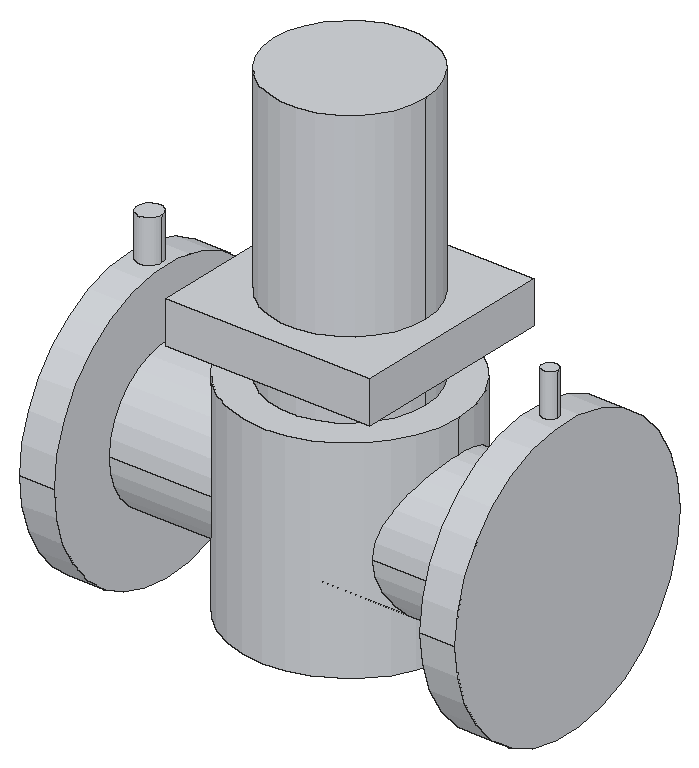
Revit family "PV_Compact_PN16_DN080_(50-200kPa)_RFA_2019", category Pipe Accessories, Revit 2019
Family settings
  Round Connector Dimension = Use Diameter
  Part Type = Valve - Breaks Into
  Work Plane-Based = No
  Always vertical = Yes
  Cut with Voids When Loaded = No
  Shared = No
Parameters (values of type "PV Compact PN16 DN080 (50-200kPa)")
  magiProductId = "56ecf79d7ca14ffb95f20ac45086c0"
  magiProductFamilyId = "c8b2eac19a98445b953ec5ab518664"
  magiPartTypeId = 304
  isMeasuringValve [instance] = no
  ang2D [instance] = 0.00°
  W2D = 50 mm
  VersionID = "2.0/2018.12.13.2/FRESE_PV_COMPACT_BIG_Q13_001"
  Use Minimum Symbol Size [instance] = no
  URL = "www.hydronic.cz"
  Type Comments = "PŘÍRUBOVÝ; PN16; dpmax=1000kPa; -10~+120°C"
  R4 = 54.25 mm
  R3 = 52 mm
  R1 = 77.5 mm
  QmdConnectorList = "301;D;302;D"
  Productdata [instance] = ""
  Manufacturer = "Hydronic Systems Prague s.r.o."
  Maintenance Zone Under Depth [instance] = 100 mm
  Maintenance Zone Right Depth [instance] = 100 mm
  Maintenance Zone Over Depth [instance] = 100 mm
  Maintenance Zone Left Depth [instance] = 100 mm
  Maintenance Zone Front Depth [instance] = 100 mm
  Maintenance Zone Back Depth [instance] = 100 mm
  Maintenance Zone Front Visibility [instance] = no
  MC Use Limits From Balancing Method = no
  MC Throttling Minimum Value = 0
  MC Throttling Maximum Value = 0
  MC Product Code = "53-3307 DN080 PN16; nastavitelný rozsah dp=50~200kPa; Q=20,5~82,1 m3/h;  kvs=67"
  MC Pressure Drop Minimum Value = 0.0 Pa
  MC Pressure Drop Maximum Value = 0.0 Pa
  MC Piping Given Pressure Drop [instance] = 0.0 Pa
  LF__ve = -LF  # -24.8 mm
  LF2 = 12.4 mm
  LF = 24.8 mm
  L4 = 145.7 mm
  L3 = 260.4 mm
  L2D_Min = 30.48 mm
  L2D = 230 mm
  L2 = 155 mm
  H6 = 141 mm
  H4 = 30 mm
  H3 = 25 mm
  H2 = 75 mm
  H1 = 150 mm
  Description = "Nastavitelný regulátor tlakové diference"
  DF2 = 100 mm
  D = 80 mm
  Clearance Zone Height Depth [instance] = 100 mm
  Clearance Zone Circular Radius [instance] = 155 mm
  Clearance Zone Visibility [instance] = no
  CAT0 = yes
Types (4, lengths in mm): name | magiProductId | R4 | R3 | R1 | MC Product Code | LF__ve | LF2 | LF | L4 | L3 | L2 | H6 | H4 | H3 | H2 | H1 | DF2 | D | Clearance Zone Circular Radius
  PV Compact PN16 DN050 (50-200kPa) | "81e9f5a937864fb894d80a4a75c60c" | 40.25 | 42.9 | 57.5 | "53-3301 DN050 PN16; nastavitelný rozsah dp=50~200kPa; Q=5,1~20,5 m3/h;  kvs=29" | -18.4 | 9.2 | 18.4 | 108.1 | 193.2 | 115 | 82.25 | 24.75 | 20.625 | 61.875 | 123.75 | 82.5 | 50 | 115
  PV Compact PN16 DN065 (50-200kPa) | "62e5150a15b74f6ebf91ec17767c09" | 50.75 | 48.1 | 72.5 | "53-3304 DN065 PN16; nastavitelný rozsah dp=50~200kPa; Q=7,4~29,7 m3/h;  kvs=42" | -23.2 | 11.6 | 23.2 | 136.3 | 243.6 | 145 | 105.25 | 27.75 | 23.125 | 69.375 | 138.75 | 92.5 | 65 | 145
  PV Compact PN16 DN080 (50-200kPa) | "56ecf79d7ca14ffb95f20ac45086c0" | 54.25 | 52 | 77.5 | "53-3307 DN080 PN16; nastavitelný rozsah dp=50~200kPa; Q=20,5~82,1 m3/h;  kvs=67" | -24.8 | 12.4 | 24.8 | 145.7 | 260.4 | 155 | 141 | 30 | 25 | 75 | 150 | 100 | 80 | 155
  PV Compact PN16 DN100 (50-200kPa) | "238894349c704e30980898d6a42884" | 61.25 | 61.1 | 87.5 | "53-3310 DN100 PN16; nastavitelný rozsah dp=50~200kPa; Q=20,3~81,3 m3/h;  kvs=115" | -28 | 14 | 28 | 164.5 | 294 | 175 | 234.75 | 35.25 | 29.375 | 88.125 | 176.25 | 117.5 | 100 | 175
Reference planes
  plane 1 "Center (Front/Back)": y = 0
  plane 2 "XYPLANE": z = 0
  plane 3 "Center (Left/Right)": x = 0
  plane 4 "257": y = -100
  plane 5 "256": y = 100
  plane 6 "255": z = -100
  plane 7 "254": y = -200
  plane 8 "253": y = 200
  plane 9 "252": x = -255
  plane 10 "251": x = 255
  plane 11 "250": z = 371
  plane 12 "249": z = -200
  plane 13 "248": z = 371
  plane 14 "247": z = 271
  plane 15 "157": x = 142.6
  plane 16 "156": x = -142.6
  plane 17 "155": z = 100
  plane 18 "154": z = 130
  plane 19 "153": z = 100
  plane 20 "152": z = 75
  plane 21 "151": x = -130.2
  plane 22 "150": z = -75
  plane 23 "149": x = 0
  plane 24 "148": y = 0
  plane 25 "147": z = 0
  plane 26 "146": x = -155
  plane 27 "145": x = 155
Forms (mm)
  Blend 1, solid, visible <- "Maintenance Zone Front Visibility"
    base sketch origin (-750, 0, -200) x (1, 0, 0) y (0, 1, 0)
      loop
        line (495, 200) -> (495, -200) -> (1005, -200) -> (1005, 200) -> (495, 200)
    top sketch origin (-750, 0, -200) x (1, 0, 0) y (0, 1, 0)
      loop
        line (495, 200) -> (495, -200) -> (1005, -200) -> (1005, 200) -> (495, 200)
    from 0 to 571
  Blend 2, solid, visible <- "Clearance Zone Visibility"
    base sketch origin (-750, 0, 0) x (1, 0, 0) y (0, 1, 0)
      loop
        circle (750, 0) r 155
    top sketch origin (-750, 0, 0) x (1, 0, 0) y (0, 1, 0)
      loop
        circle (750, 0) r 155
    from 0 to 371
  Extrusion 3, solid, visible <- "CAT0"
    sketch origin (-750, 0, 100) x (1, 0, 0) y (0, 1, 0)
      loop
        circle (892.6, 0) r 5.5
    from 0 to 30
  Extrusion 4, solid, visible <- "CAT0"
    sketch origin (-750, 0, 100) x (1, 0, 0) y (0, 1, 0)
      loop
        circle (607.4, 0) r 8.7
    from 0 to 30
  Extrusion 5, solid
    sketch origin (-750, 0, 130) x (1, 0, 0) y (0, 1, 0)
      loop
        circle (750, 0) r 54.25
    from 0 to 141 <- "H6"
  Extrusion 6, solid, visible <- "CAT0"
    sketch origin (-750, 0, 100) x (1, 0, 0) y (0, 1, 0)
      loop
        line (822.85, 72.85) -> (677.15, 72.85) -> (677.15, -72.85) -> (822.85, -72.85) -> (822.85, 72.85)
    from 0 to 30 <- "H4"
  Extrusion 7, solid, visible <- "CAT0"
    sketch origin (-750, 0, 75) x (1, 0, 0) y (0, 1, 0)
      loop
        circle (750, 0) r 54.25
    from 0 to 25 <- "H3"
  Extrusion 8, solid, visible <- "CAT0"
    sketch origin (-130.2, -750, 0) x (0, 1, 0) y (0, 0, 1)
      loop
        circle (750, 0) r 52
    from 0 to 260.4 <- "L3"
  Extrusion 9, solid, visible <- "CAT0"
    sketch origin (-750, 0, -75) x (1, 0, 0) y (0, 1, 0)
      loop
        circle (750, 0) r 77.5
    from 0 to 150 <- "H1"
  Extrusion 10, solid, visible <- "CAT0"
    sketch origin (-155, -750, 0) x (0, 1, 0) y (0, 0, 1)
      loop
        circle (750, 0) r 100
    from 0 to 24.8 <- "LF"
  Extrusion 11, solid, visible <- "CAT0"
    sketch origin (155, -750, 0) x (0, 1, 0) y (0, 0, 1)
      loop
        circle (750, 0) r 100
    from 0 to -24.8 <- "LF__ve"
  Extrusion 12, solid, not visible
    sketch origin (-155, -750, 0) x (0, 1, 0) y (0, 0, 1)
      loop
        circle (750, 0) r 10
    from 0 to 10
  Extrusion 13, solid, not visible
    sketch origin (155, -750, 0) x (0, 1, 0) y (0, 0, 1)
      loop
        circle (750, 0) r 10
    from 0 to -10
Lines and regions (mm)
  reference lines, not visible
    curve 1: circle (2, 2, 0) r 1 normal (0, 0, 1)
  reference lines
    curve 2: circle (0, 0, 100) r 1 normal (0, 0, 1)
Dimensions and locks
  plane 1 "Center (Front/Back)" to curve 1 = 2 mm
  "DF2": plane 24 "148" to plane 4 "257"
  "DF2": plane 24 "148" to plane 5 "256"
  "DF2": plane 25 "147" to plane 6 "255"
  "Maintenance Zone Front Depth": plane 4 "257" to plane 7 "254"
  "Maintenance Zone Back Depth": plane 5 "256" to plane 8 "253"
  "Maintenance Zone Left Depth": plane 26 "146" to plane 9 "252"
  "Maintenance Zone Right Depth": plane 27 "145" to plane 10 "251"
  "Maintenance Zone Over Depth": plane 14 "247" to plane 11 "250"
  "Maintenance Zone Under Depth": plane 6 "255" to plane 12 "249"
  "Clearance Zone Height Depth": plane 14 "247" to plane 13 "248"
  "H6": plane 18 "154" to plane 14 "247"
  "LF2": plane 27 "145" to plane 15 "157"
  "LF2": plane 26 "146" to plane 16 "156"
  "DF2": plane 2 "XYPLANE" to plane 17 "155"
  "H4": plane 19 "153" to plane 18 "154"
  "H3": plane 20 "152" to plane 19 "153"
  "H1": plane 22 "150" to plane 20 "152"
  "LF": plane 26 "146" to plane 21 "151"
  "H2": plane 2 "XYPLANE" to plane 22 "150"
  locked: plane 3 "Center (Left/Right)" to plane 23 "149"
  locked: plane 1 "Center (Front/Back)" to plane 24 "148"
  locked: plane 2 "XYPLANE" to plane 25 "147"
  "L2": plane 3 "Center (Left/Right)" to plane 26 "146"
  "L2": plane 3 "Center (Left/Right)" to plane 27 "145"
  Blend 1 sketch curve to Blend 1 sketch curve = 0 mm  (x16)
  equal spacing: Extrusion 6 sketch curve, curve 2, Extrusion 6 sketch curve  (x2)
  "L4": Extrusion 6 sketch curve to Extrusion 6 sketch curve  (x2)
  Extrusion 6 sketch curve to Extrusion 6 sketch curve = 0 mm  (x8)
  "Clearance Zone Circular Radius": radius of Blend 2 sketch curve  (x2)
  "R4": radius of Extrusion 5 sketch curve
  "R4": radius of Extrusion 7 sketch curve
  "R3": radius of Extrusion 8 sketch curve
  "R1": radius of Extrusion 9 sketch curve
  "DF2": radius of Extrusion 10 sketch curve
  "DF2": radius of Extrusion 11 sketch curve
  aligned and locked: level to plane 2 "XYPLANE"
  aligned and locked: Blend 1 sketch curve to plane 8 "253"  (x2)
  aligned and locked: plane 9 "252" to Blend 1 sketch curve  (x4)
  aligned and locked: plane 10 "251" to Blend 1 sketch curve  (x4)
  aligned and locked: plane 8 "253" to Blend 1 sketch curve  (x2)
  aligned and locked: plane 7 "254" to Blend 1 sketch curve  (x4)
  aligned and locked: plane 11 "250" to Blend 1
  aligned and locked: plane 23 "149" to Blend 2 sketch curve  (x2)
  aligned and locked: plane 24 "148" to Blend 2 sketch curve  (x2)
  aligned and locked: plane 13 "248" to Blend 2
  aligned and locked: plane 15 "157" to Extrusion 3 sketch curve
  aligned and locked: plane 24 "148" to Extrusion 3 sketch curve
  aligned and locked: plane 16 "156" to Extrusion 4 sketch curve
  aligned and locked: plane 24 "148" to Extrusion 4 sketch curve
  aligned and locked: plane 23 "149" to Extrusion 5 sketch curve
  aligned and locked: plane 24 "148" to Extrusion 5 sketch curve
  aligned and locked: plane 23 "149" to curve 2
  aligned and locked: plane 24 "148" to curve 2
  aligned and locked: plane 23 "149" to Extrusion 7 sketch curve
  aligned and locked: plane 24 "148" to Extrusion 7 sketch curve
  aligned and locked: Extrusion 8 sketch curve to plane 24 "148"
  aligned and locked: plane 25 "147" to Extrusion 8 sketch curve
  aligned and locked: plane 23 "149" to Extrusion 9 sketch curve
  aligned and locked: plane 24 "148" to Extrusion 9 sketch curve
  aligned and locked: Extrusion 10 sketch curve to plane 24 "148"
  aligned and locked: plane 25 "147" to Extrusion 10 sketch curve
  aligned and locked: Extrusion 11 sketch curve to plane 24 "148"
  aligned and locked: plane 25 "147" to Extrusion 11 sketch curve
  aligned and locked: Extrusion 12 sketch curve to plane 24 "148"
  aligned and locked: plane 25 "147" to Extrusion 12 sketch curve
  aligned and locked: Extrusion 13 sketch curve to plane 24 "148"
  aligned and locked: plane 25 "147" to Extrusion 13 sketch curve
Automatic sketch dimensions
  Extrusion 3 sketch curve to plane 15 "157" = 5.5 mm
  plane 26 "146" to Extrusion 4 sketch curve = 3.7 mm
  plane 1 "Center (Front/Back)" to Extrusion 12 sketch curve = 10 mm
  plane 1 "Center (Front/Back)" to Extrusion 13 sketch curve = 10 mm
  plane 3 "Center (Left/Right)" to curve 1 = 2 mm
  plane 21 "151" to Extrusion 6 sketch curve = 57.35 mm
  plane 4 "257" to Extrusion 6 sketch curve = 27.15 mm
  radius of curve 2 = 1 mm
  radius of curve 1 = 1 mm
Connectors
  piping at (-155, 0, 0), diameter 80, driven by "D"
    settings: on Extrusion 12, index 1, connector inside diameter 609.6 mm, connector length 0 mm, flow factor 0, pipe flow 0.0 L/s, pressure drop 0.0 Pa, fitting loss kfactor 0, connector angle 0.00°, fixture units 0, engagement length 0 mm, angle of deflection 0.00°, flow configuration 0, flow direction 0, fitting loss method 0, system type 29, joint type 0, gender type 0, connector reference index 2, connector utility 0, adjustable connector no, is connector primary yes, connector description ""
  piping at (155, 0, 0), diameter 80, driven by "D"
    settings: on Extrusion 13, index 2, connector inside diameter 609.6 mm, connector length 0 mm, flow factor 0, pipe flow 0.0 L/s, pressure drop 0.0 Pa, fitting loss kfactor 0, connector angle 0.00°, fixture units 0, engagement length 0 mm, angle of deflection 0.00°, flow configuration 0, flow direction 0, fitting loss method 0, system type 29, joint type 0, gender type 0, connector reference index 1, connector utility 0, adjustable connector no, is connector primary no, connector description ""
